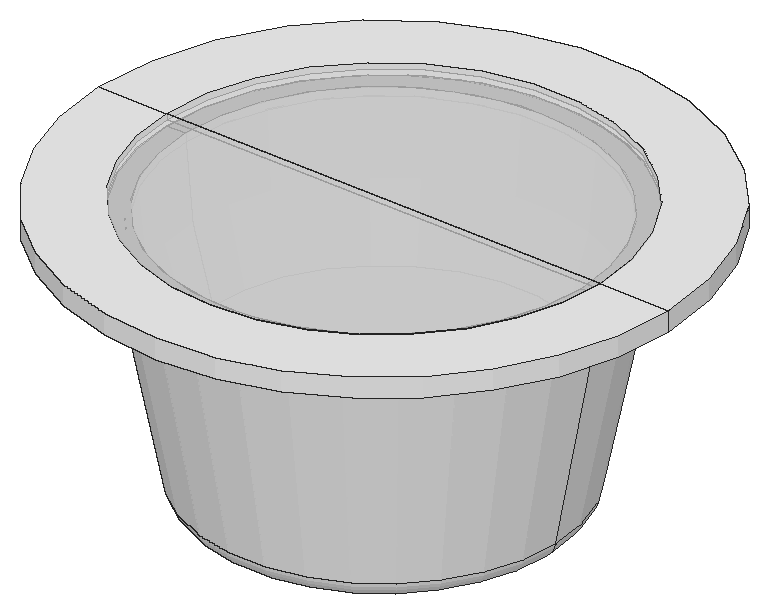
Revit family "2060552+2028036 Sylvania Lighting Fixture ASCENT 100 II ARCH 1900 3K DALI 160 with IP44 Frost Glass", category Lighting Fixtures, host Face, Revit 2016
Family settings
  Host = Face
  Part Type = Normal
  Round Connector Dimension = Use Diameter
  OmniClass Number = 23.80.70.11.17
  OmniClass Title = Specialized Lighting by Location or Use
  Cut with Voids When Loaded = No
  Light Source = Yes
  Shared = No
  Room Calculation Point = No
Parameters (values of type "2060552+2028036 ASCT100 II ARCH 1900 3K DALI 160 with IP44 Frost Glass")
  WidthBezelAcc_SYL = 25.0 mm
  Weight = "1.2 kg"
  Wattage = 17 W
  WarrantyStartDate [instance] = "n/a"
  WarrantyGuarantorParts = "n/a"
  WarrantyDurationUnit = "n/a"
  WarrantyDurationParts = "n/a"
  WarrantyDescription = "n/a"
  built-in parameter 1150110 = 1 (stored number, unit not read)
  Voltage = 0 V
  VisibilityAccessory_SYL = yes
  TypeName = "ASCENT 100 II ARCH 1900 3K DALI 160 with IP44 Frost Glass"
  built-in parameter 1114217 = 1 (stored number, unit not read)
  Tilt Angle = -90°
  built-in parameter 1150109 = 1 (stored number, unit not read)
  built-in parameter 1150134 = (empty or 0)
  built-in parameter 1150113 = 1 (stored number, unit not read)
  SerialNumber [instance] = "n/a"
  ReflectorRadius_SYL = Radius_SYL - 14.5 mm  # 80.0 mm
  RadiusAcc_SYL = 105.0 mm
  Radius_SYL = 94.5 mm
  URL = "http://www.sylvania-lighting.com"
  PowerFactor = 0
  PowerConsumption = "17 W"
  Photometric Web File = "2060552.ies"
  NominalWidth = 0.0 mm
  NominalLength = 0.0 mm
  NominalHeight = 94.0 mm
  Name = "ASCENT 100 II ARCH 1900 3K DALI 160 with IP44 Frost Glass"
  ModelReference = "ASCENT 100 II ARCH 1900 3K DALI 160 with IP44 Frost Glass"
  ModelNumber = "2060552+2028036"
  Material_4_SYL = none
  Material_3_SYL = Polycarbonate_Sylvania_Ascent_Opal
  Material_2_SYL = Aluminium_Sylvania_Ascent_Silver
  Material_1_SYL = Aluminum_Sylvania_Ascent_White
  Material = "aluminium housing, arcylic diffuser"
  ManufacturerName = "Feilo Sylvania"
  LuminousEfficacy = "109 lm/W"
  built-in parameter 1150105 = 147.46 (stored number, unit not read)
  Lumens = 1853 lm
  LuminaireType = ""
  built-in parameter 1150115 = 1 (stored number, unit not read)
  LightOutputRatio = "100"
  built-in parameter 1150137 = (empty or 0)
  built-in parameter 1150139 = (empty or 0)
  LampsType = Lamp  # "LED"
  LampNominalLuminous = "1847 lm"
  LampMacAdamStep = "3"
  LampColourTemperature = "3000 K"
  LampColourRenderingIndex = "80"
  built-in parameter 1150112 = 1 (stored number, unit not read)
  built-in parameter 1150114 = 1 (stored number, unit not read)
  Keynote = "16500"
  InstallationDate [instance] = "n/a"
  InputVoltage = "n/a"
  InputNominalFrequency = "n/a"
  built-in parameter 1150132 = (empty or 0)
  built-in parameter 1150102 = (empty or 0)
  built-in parameter 1150107 = 3000 (stored number, unit not read)
  built-in parameter 1150138 = (empty or 0)
  IngressProtection = "IP44"
  ImpactProtectionIndex = "IK02"
  built-in parameter 1150106 = 1.4746 (stored number, unit not read)
  IfcExportType = "IfcLightFixtureType"
  IfcExportAs = "IfcLightFixtureType"
  Height_SYL = 94.0 mm
  HeightAcc_SYL = 7.0 mm
  ExpectedLife = 50000
  EmittionSurface_SYL = if(VisibilityAccessory_SYL, 7.0 mm, 3.0 mm)  # 7.0 mm
  Emit from Circle Diameter = DiffuserRadius_SYL * 2  # 146.0 mm
  Emit Shape Visible in Rendering = no
  ElectricShockClassification = "Class II"
  built-in parameter 1150104 = 10.126 (stored number, unit not read)
  DurationUnit = "hours"
  DocumentationLiterature = "http://www.sylvania-lighting.com/product/en-int/products/2060552"
  DimmingControlOptions = "n/a"
  Dimming Lamp Color Temperature Shift = <None>
  DiffuserRadius_SYL = ReflectorRadius_SYL - 7.0 mm  # 73.0 mm
  Diameter_SYL = 2 * Radius_SYL  # 189.0 mm
  CutoutDiameter_SYL = Diameter_SYL - 13.0 mm  # 176.0 mm
  CreatedOn = "9/17/2018"
  CreatedBy = "@sylvania-lighting.com"
  Color Filter = 16777215
  built-in parameter 1114216 [instance] = 1 (stored number, unit not read)
  Model = "ASCENT 100 II ARCH 1900 3K DALI 160 with IP44 Frost Glass"
  Manufacturer = "Feilo Sylvania"
  Lamp = "LED"
  Description = "Direct LED retro fit for original LED 100 Arch (160) single CFL lamp offering Matching lumen levels and improved light distribution of original LED 100 CFL lamp equivalents Typically half the power consumption compared to CFL Up to 112lm/W 160mm aperture Architectural reflector accepts range of glass accessories from existing LED 100 Arch 160 offering HE, HO and VHO versions equivalent of single 1 x 18W, 1 x 32W, 1 x 42W\r\n Additional VVHO versions which offer the performance circa 2 x 32W equivalent"  # constant formula
  Default Elevation = 0.0 mm
  built-in parameter 1140040 [instance] = 1
  BarCode [instance] = "n/a"
  built-in parameter 1114218 = 1 (stored number, unit not read)
  built-in parameter 1150133 = 10 (stored number, unit not read)
  AssetType = "Fixed"
  AssetIdentifier [instance] = "n/a"
  Assembly Code = "D5020200"
  Apparent Load = 17 VA
  Aperture_SYL = 2 * ReflectorRadius_SYL  # 160.0 mm
Reference planes
  plane 1 "Center (Front/Back)": y = 0
  plane 2: z = 0
  plane 3 "Center (Left/Right)": x = 0
  plane 4 "Fixture Bottom": z = 3
  plane 5: z = -52.5
  plane 6 "Fixture Top": z = -91
  plane 7: x = -105
  plane 8: z = 7
  plane 9: x = -80
  plane 10: z = 5
  plane 11: x = -103
Forms (mm)
  Extrusion 1, solid, material "Aluminum_Sylvania_Ascent_White", detail levels fine
    sketch origin (0, 0, 0) x (1, 0, 0) y (0, 1, 0)
      loop
        circle (0, 0) r 94.5
      loop
        circle (0, 0) r 80
    from 0 to 3
  Extrusion 2, void
    sketch origin (0, 0, 0) x (1, 0, 0) y (0, 1, 0)
      loop
        circle (0, 0) r 88
    from -91 to 3
  Revolve 3, solid, material "Aluminum_Sylvania_Ascent_White" <- "Material_1_SYL", detail levels fine
    sketch origin (0, 0, 0) x (1, 0, 0) y (0, 0, 1)
      loop
        line (0, -91.073) -> (0, -89.023) -> (-55.468, -89.014)
        arc (-55.468, -89.014) -> (-59.352, -87.613) -> (-61.54, -84.139) r 6.307
        line (-61.54, -84.139) -> (-77.991, -2.844) -> (-77.991, 0) -> (-80, 0) -> (-80, -3) -> (-63.5, -84.536)
        arc (-63.5, -84.536) -> (-60.643, -89.203) -> (-55.5, -91.073) r 8.291
        line (-55.5, -91.073) -> (0, -91.073)
      axis (0, 0) -> (0, -91.073)
    angle from 0 to 360
  Revolve 4, solid, material "Aluminium_Sylvania_Ascent_Silver" <- "Material_2_SYL", detail levels fine
    sketch origin (0, 0, 0) x (1, 0, 0) y (0, 0, 1)
      loop
        line (-80, 3) -> (-80, 0) -> (-75, 0)
        arc (-75, 0) -> (-72.349, -26.77) -> (-64.5, -52.5) r 136.5
        line (-64.5, -52.5) -> (-58, -52.5)
        arc (-58, -52.5) -> (-56.857, -61.521) -> (-53.5, -69.971) r 36.166
        line (-53.5, -69.971) -> (0, -69.971) -> (0, -50.5) -> (-63.16, -50.5)
        arc (-63.16, -50.5) -> (-70.517, -25.725) -> (-73, 0) r 134.5
        line (-73, 0) -> (-73, 3) -> (-80, 3)
      axis (0, 3) -> (0, -69.971)
    angle from 0 to 360
  Extrusion 5, solid, material "Polycarbonate_Sylvania_Ascent_Opal" <- "Material_3_SYL", detail levels fine
    sketch origin (0, 0, 0) x (1, 0, 0) y (0, 1, 0)
      loop
        circle (0, 0) r 73
    from 0 to 3
  Revolve 6, solid, material "Aluminum_Sylvania_Ascent_White" <- "Material_1_SYL", detail levels coarse+medium
    sketch origin (0, 0, 0) x (1, 0, 0) y (0, 0, 1)
      loop
        line (0, -91.073) -> (0, 3) -> (-94.5, 3) -> (-94.5, 0) -> (-79.5, 0) -> (-79.5, -3) -> (-63, -84.536)
        arc (-63, -84.536) -> (-60.143, -89.203) -> (-55, -91.073) r 8.291
        line (-55, -91.073) -> (0, -91.073)
      axis (0, 3) -> (0, -91.073)
    angle from 0 to 360
  Revolve 7, solid, material "Aluminum_Sylvania_Ascent_White" <- "Material_1_SYL", visible <- "VisibilityAccessory_SYL"
    sketch origin (0, 0, 0) x (1, 0, 0) y (0, 0, 1)
      loop
        line (-105, 0) -> (-103, 0) -> (-103, 5) -> (-80, 5) -> (-80, 7) -> (-105, 7) -> (-105, 0)
      axis (0, 7) -> (0, 0)
    angle from 0 to 360
  Revolve 8, solid, material "Polycarbonate_Sylvania_Ascent_Opal" <- "Material_3_SYL", visible <- "VisibilityAccessory_SYL"
    sketch origin (0, 0, 0) x (1, 0, 0) y (0, 0, 1)
      loop
        line (-80, 7) -> (-80, 5) -> (0, 5) -> (0, 7) -> (-80, 7)
      axis (0, 7) -> (0, 5)
    angle from 0 to 360
Lines and regions (mm)
  reference lines
    curve 1: line (-150, 0, 7) -> (125, 0, 7)
Dimensions and locks
  locked: plane 4 "Fixture Bottom" to plane 2 at 3
  "Height_SYL": plane 4 "Fixture Bottom" to plane 6 "Fixture Top"
  "ReflectorRadius_SYL": plane 3 "Center (Left/Right)" to Revolve 4 sketch curve
  locked: Revolve 4 sketch curve to Revolve 4 sketch curve at 15.5
  locked: Revolve 4 sketch curve to Revolve 4 sketch curve at 5
  locked: Revolve 4 sketch curve to Revolve 4 sketch curve at 7
  locked: Revolve 4 sketch curve to Revolve 4 sketch curve at 22
  locked: Revolve 4 sketch curve to Revolve 4 sketch curve at 26.5
  locked: Revolve 3 sketch curve to Revolve 3 sketch curve at 16.5
  locked: Revolve 3 sketch curve to Revolve 3 sketch curve at 24.5
  "ReflectorRadius_SYL": Revolve 3 sketch curve to plane 3 "Center (Left/Right)"
  locked: Revolve 3 sketch curve to plane 6 "Fixture Top" at 6.464
  locked: plane 2 to Revolve 3 sketch curve at 3
  locked: Revolve 3 sketch curve to Revolve 3 sketch curve at 2
  locked: Revolve 3 sketch curve to Revolve 3 sketch curve at 2.009
  locked: plane 2 to plane 5 at 52.5
  locked: Revolve 6 sketch curve to Revolve 6 sketch curve at 31.5
  locked: Revolve 6 sketch curve to Revolve 6 sketch curve at 39.5
  locked: Revolve 6 sketch curve to Revolve 6 sketch curve at 15
  "Radius_SYL": plane 3 "Center (Left/Right)" to Revolve 6 sketch curve
  "RadiusAcc_SYL": plane 3 "Center (Left/Right)" to plane 7
  "HeightAcc_SYL": plane 8 to level
  "WidthBezelAcc_SYL": plane 7 to plane 9
  locked: plane 7 to plane 11 at 2
  locked: plane 8 to plane 10 at 2
  "EmittionSurface_SYL": curve 1 to level
  "CutoutDiameter_SYL": diameter of Extrusion 2 sketch curve
  "ReflectorRadius_SYL": radius of Extrusion 1 sketch curve
  "DiffuserRadius_SYL": radius of Extrusion 5 sketch curve
  "Radius_SYL": radius of Extrusion 1 sketch curve
  aligned and locked: host face to plane 2
  aligned and locked: host face to level
  aligned and locked: plane 4 "Fixture Bottom" to Extrusion 1
  aligned and locked: Extrusion 1 to plane 2
  aligned and locked: Revolve 3 sketch curve to plane 3 "Center (Left/Right)"
  aligned and locked: Revolve 4 sketch curve to plane 3 "Center (Left/Right)"  (x2)
  aligned and locked: plane 4 "Fixture Bottom" to Revolve 4 sketch curve
  aligned and locked: Extrusion 5 to plane 2
  aligned and locked: plane 2 to Revolve 3 sketch curve  (x2)
  aligned and locked: Revolve 6 sketch curve to plane 3 "Center (Left/Right)"
  aligned and locked: plane 6 "Fixture Top" to Extrusion 2
  aligned and locked: Revolve 7 sketch curve to plane 3 "Center (Left/Right)"
  aligned and locked: host face to Revolve 7 sketch curve  (x2)
  aligned and locked: Revolve 7 sketch curve to plane 7
  aligned and locked: plane 8 to Revolve 7 sketch curve
  aligned and locked: plane 9 to Revolve 7 sketch curve
  aligned and locked: Revolve 7 sketch curve to plane 10
  aligned and locked: plane 11 to Revolve 7 sketch curve
  aligned and locked: Revolve 7 to Revolve 8 sketch curve
  aligned and locked: Revolve 8 sketch curve to Revolve 7  (x2)
  aligned and locked: Revolve 8 sketch curve to plane 3 "Center (Left/Right)"  (x2)
  aligned and locked: plane 3 "Center (Left/Right)" to imposter light
  aligned and locked: imposter light to plane 1 "Center (Front/Back)"
  aligned and locked: imposter light to curve 1
Automatic sketch dimensions
  plane 1 "Center (Front/Back)" to Extrusion 2 sketch curve = 0.0 mm
  Extrusion 2 sketch curve to plane 3 "Center (Left/Right)" = 0.0 mm
  Extrusion 1 sketch curve to Extrusion 1 sketch curve = 0.0 mm  (x2)
  plane 1 "Center (Front/Back)" to Extrusion 1 sketch curve = 0.0 mm
  Extrusion 1 sketch curve to plane 3 "Center (Left/Right)" = 0.0 mm
  plane 6 "Fixture Top" to Revolve 3 sketch curve = 0.073 mm
  Revolve 3 sketch curve to plane 6 "Fixture Top" = 6.861 mm
  Revolve 3 sketch curve to Revolve 3 sketch curve = 0.003 mm
  Revolve 3 sketch curve to Revolve 3 sketch curve = 0.009 mm  (x2)
  Revolve 3 sketch curve to Revolve 3 sketch curve = 0.023 mm
  Revolve 3 sketch curve to Revolve 3 sketch curve = 0.072 mm
  Revolve 3 sketch curve to Revolve 3 sketch curve = 0.008 mm
  Revolve 3 sketch curve to plane 6 "Fixture Top" = 1.977 mm
  Revolve 3 sketch curve to Revolve 3 sketch curve = 33.496 mm
  Revolve 3 sketch curve to Revolve 3 sketch curve = 0.028 mm
  plane 4 "Fixture Bottom" to Revolve 3 sketch curve = 82.431 mm
  Revolve 4 sketch curve to Revolve 4 sketch curve = 0.0 mm  (x2)
  Revolve 4 sketch curve to plane 5 = 0.0 mm
  Revolve 4 sketch curve to level = 0.0 mm
  plane 5 to Revolve 4 sketch curve = 2.0 mm
  plane 4 "Fixture Bottom" to Revolve 4 sketch curve = 9.642 mm
  plane 1 "Center (Front/Back)" to Extrusion 5 sketch curve = 0.0 mm
  Extrusion 5 sketch curve to plane 3 "Center (Left/Right)" = 0.0 mm
  Revolve 4 sketch curve to level = 69.971 mm
  Revolve 4 sketch curve to Revolve 4 sketch curve = 2.387 mm
  Revolve 6 sketch curve to level = 0.0 mm
  Revolve 6 sketch curve to plane 3 "Center (Left/Right)" = 0.0 mm
  Revolve 6 sketch curve to Revolve 6 sketch curve = 8.104 mm
  Revolve 6 sketch curve to level = 3.0 mm
  Revolve 6 sketch curve to plane 6 "Fixture Top" = 6.464 mm
  plane 6 "Fixture Top" to Revolve 6 sketch curve = 0.073 mm
  Revolve 6 sketch curve to Revolve 6 sketch curve = 33.496 mm
  plane 4 "Fixture Bottom" to Revolve 6 sketch curve = 82.431 mm
  host sketch curve to host sketch curve = 1704.996 mm
  host sketch curve to host sketch curve = 1500.0 mm
  plane 6 "Fixture Top" to Revolve 7 sketch curve = 281.274 mm
  Revolve 7 sketch curve to plane 8 = 1140.706 mm
  plane 6 "Fixture Top" to Revolve 8 sketch curve = 281.274 mm
  Revolve 8 sketch curve to Revolve 8 sketch curve = 1140.706 mm
  Revolve 3 sketch curve to plane 3 "Center (Left/Right)" = 0.0 mm
  Revolve 6 sketch curve to plane 4 "Fixture Bottom" = 0.0 mm
  plane 7 to curve 1 = 45.0 mm
  plane 3 "Center (Left/Right)" to curve 1 = 125.0 mm
Connectors
  electrical at (0, 0, -91.073), driven by "Apparent Load"
    settings: on Revolve 3, index 1, voltage 240 V, apparent load 0 VA, apparent load phase1 17 VA, apparent load phase2 0 VA, apparent load phase3 0 VA, power factor 1, load classification "Lighting", number of poles 1, system type 31, power factor state 1, is connector primary yes, connector utility no, sub classification motor no, connector description ""
